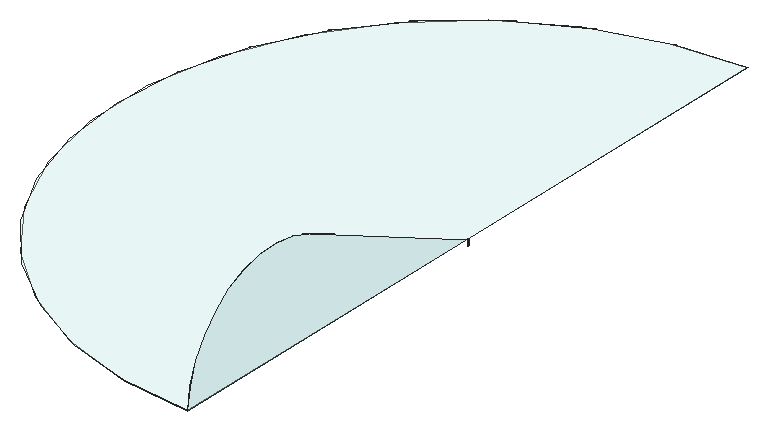
Revit family "Rotor Falvon 6504 Series - 6504PC", category Acessórios do tubo, Revit 2020
Family settings
  Cota do conector redondo = Utilizar diâmetro
  Tipo de parte = Normal
  Número OmniClass = 23.60.30.11.14
  Título OmniClass = Pipework Fittings
  Com base no plano de trabalho = Não
  Sempre na vertical = Sim
  Corte com vazios quando carregada = Não
  Compartilhado = Não
Parameters (values of type "Nozzle 18")
  Water = Water
  URL = "https://www.rainbird.com/"
  TABLE 90 = "TABLE 90psi"
  TABLE 80 = "TABLE 80psi"
  TABLE 70 = "TABLE 70psi"
  TABLE 60 = "TABLE 60psi"
  TABLE 50 = "TABLE 50psi"
  TABLE 40 = "TABLE 40psi"
  TABLE 30 = "TABLE 30psi"
  SupportProjetos: Reviw Date = ""  # constant formula
  SupportProjetos: Reviw = "R00"  # constant formula
  SupportProjetos: Level of Detail = "LOD 300"  # constant formula
  SupportProjetos: Developed = "MICHEL SOARES MOTA"  # constant formula
  SupportProjetos: Creation Date = "07/08/2020"  # constant formula
  Side inlet = no
  Rotation Water Visibility [instance] = Pop up on  # yes
  Rotation Angle [instance] = 180.00°
  RainBird: Product Link = "https://www.rainbird.com/"
  RainBird: Description = "FALCON 6504-PC Rotor "  # constant formula
  RainBird: Comment [instance] = ""
  RainBird: Code = "B65001"  # constant formula
  Radius [instance] = if(and(Pressure = 30.0 psi, Instance < 3 ft), size_lookup(TABLE 30, "Radius", 0 ft, Instance), if(and(Pressure = 40.0 psi, Instance < 9 ft), size_lookup(TABLE 40, "Radius", 0 ft, Instance), if(and(Pressure = 50.0 psi, Instance < 9 ft), size_lookup(TABLE 50, "Radius", 0 ft, Instance), if(and(Pressure = 60.0 psi, Instance < 9 ft), size_lookup(TABLE 60, "Radius", 0 ft, Instance), if(and(Pressure = 70.0 psi, Instance < 9 ft), size_lookup(TABLE 70, "Radius", 0 ft, Instance), if(and(Pressure = 80.0 psi, Instance < 9 ft), size_lookup(TABLE 80, "Radius", 0 ft, Instance), if(and(Pressure = 90.0 psi, Instance > 7 ft), size_lookup(TABLE 90, "Radius", 600 ft, Instance), 0 ft)))))))  # 63 ft
  RT = 0.009893 ft
  RN = 0.032808 ft
  R5 = 0.03937 ft
  R4 = 0.04101 ft
  R3 = 0.065617 ft
  R2 = 0.075407 ft
  R1 = 0.032808 ft
  Pressure [instance] = 60.0 psi
  Pop up height = 0.334646 ft
  Pop up on [instance] = yes
  Modelo = "6504-PC"  # constant formula
  Instance = 8 ft
  H1 = Body height / 3  # 0.236333 ft
  Flow [instance] = if(and(Pressure = 30.0 psi, Instance < 3 ft), size_lookup(TABLE 30, "Flow", 0.0 GPM, Instance), if(and(Pressure = 40.0 psi, Instance < 9 ft), size_lookup(TABLE 40, "Flow", 0.0 GPM, Instance), if(and(Pressure = 50.0 psi, Instance < 9 ft), size_lookup(TABLE 50, "Flow", 0.0 GPM, Instance), if(and(Pressure = 60.0 psi, Instance < 9 ft), size_lookup(TABLE 60, "Flow", 0.0 GPM, Instance), if(and(Pressure = 70.0 psi, Instance < 9 ft), size_lookup(TABLE 70, "Flow", 0.0 GPM, Instance), if(and(Pressure = 80.0 psi, Instance < 9 ft), size_lookup(TABLE 80, "Flow", 0.0 GPM, Instance), if(and(Pressure = 90.0 psi, Instance > 7 ft), size_lookup(TABLE 90, "Flow", 0.0 GPM, Instance), 0.0 GPM)))))))  # 17.1 GPM
  Fabricante = "Rain Bird"
  Elevação padrão = 0 ft
  Description = RainBird: Description  # "FALCON 6504-PC Rotor "
  DD13 = 0.002625 ft
  DD12 = 0.003937 ft
  DD11 = 0.009897 ft
  DD10 = 0.016404 ft
  DD8 [instance] = if(Pop up on, Pop up height, 0 ft)  # 0.334646 ft
  DD7 = 0.019685 ft
  DD6 [instance] = 0.016404 ft
  DD5 = 0.065617 ft
  DD4 = 0.032808 ft
  DD3 = 0.091048 ft
  DD2 [instance] = 0.024514 ft
  DD9 [instance] = if(Pop up on, Pop up height + 0.049541 ft, 0 ft)  # 0.384186 ft
  DD1 = 0.006562 ft
  Conection = 0.062664 ft  # constant formula
  Body height = 0.709 ft  # constant formula
  Blue = Blue Plastic
  Black Plastic = Black Plastic
  Angle = 25.00°
Types (9, lengths in ft): name | Radius | Pressure | Instance | Flow
  (no name) | 63 | 60.0 psi | 8 | 17.1 GPM
  Nozzle 4 | 43 | 80.0 psi | 1 | 4.6 GPM
  Nozzle 6 | 49 | 80.0 psi | 2 | 4.9 GPM
  Nozzle 8 | 53 | 80.0 psi | 3 | 9.4 GPM
  Nozzle 10 | 55 | 80.0 psi | 4 | 11.6 GPM
  Nozzle 12 | 61 | 80.0 psi | 5 | 14.0 GPM
  Tipo 14 | 61 | 80.0 psi | 6 | 16.2 GPM
  Nozzle 16 | 63 | 80.0 psi | 7 | 18.1 GPM
  Nozzle 18 | 63 | 60.0 psi | 8 | 17.1 GPM
Reference planes (ft)
  plane 1 "Centro (Frente/Trás)": y = 0
  plane 2: z = 0
  plane 3 "Centro (Esquerda/Direita)": x = 0
  plane 4: z = 0.003937
  plane 5: z = 0.002625
  plane 6: y = -0.065617
Forms (ft)
  Revolve 1, solid, material "Black Plastic" <- "Black Plastic"
    sketch origin (0, 0, 0) x (1, 0, 0) y (0, 0, 1)
      loop
        line (0.075407, -0.091048) -> (0.075407, -0.035324)
        arc (0.075407, -0.035324) -> (0.072509, -0.028329) -> (0.065514, -0.025431) r 0.009893
        line (0.065514, -0.025431) -> (0.046098, -0.025431) -> (0.046098, 0) -> (0.03937, 0) -> (0.03937, -0.334646) -> (0.019685, -0.334646) -> (0.019685, -0.702438) -> (0.032808, -0.702438) -> (0.032808, -0.709) -> (0.04101, -0.709) -> (0.04101, -0.702438) -> (0.055724, -0.702438)
        arc (0.055724, -0.702438) -> (0.062719, -0.699541) -> (0.065617, -0.692545) r 0.009893
        line (0.065617, -0.692545) -> (0.065617, -0.091048) -> (0.075407, -0.091048)
      axis (0, -0.709) -> (0, 0)
    angle from 0 to 360
  Extrusion 2, solid, material "Black Plastic" <- "Black Plastic"
    sketch origin (0, 0, 0) x (1, 0, 0) y (0, 1, 0)
      loop
        circle (0, 0) r 0.032808
    from -0.334646 to 0.334646
  Extrusion 3, void
    sketch origin (0, 0, 0) x (1, 0, 0) y (0, 1, 0)
      loop
        circle (0, 0) r 0.022844
    from -0.334646 to 0.334646
  Revolve 4, solid, material "Black Plastic" <- "Black Plastic"
    sketch origin (0, 0, 0) x (1, 0, 0) y (0, 0, 1)
      loop
        line (0, 0.334646) -> (0.037004, 0.334646) -> (0.037004, 0.344543)
        arc (0.037004, 0.344543) -> (0.01879, 0.349436) -> (0, 0.35105) r 0.10685
        line (0, 0.35105) -> (0, 0.334646)
      axis (0, 0.334646) -> (0, 0.35105)
    angle from 0 to 360
  Extrusion 5, solid, material "Blue Plastic" <- "Blue"
    sketch origin (0, 0, 0) x (1, 0, 0) y (0, 0, 1)
      loop
        circle (0, 0.310131) r 0.009129
      loop
        circle (0, 0.310131) r 0.004793
    from 0 to 0.034386
  Extrusion 6, void
    sketch origin (0, 0, 0) x (1, 0, 0) y (0, 0, 1)
      loop
        line (-0.02074, 0.328055) -> (-0.02074, 0.282426) -> (0.020672, 0.282426) -> (0.020672, 0.328055) -> (-0.02074, 0.328055)
      loop
        line (-0.018439, 0.325179) -> (-0.018439, 0.285685) -> (0.018179, 0.285685) -> (0.018179, 0.325179) -> (-0.018439, 0.325179)
    from 0.024556 to 0.06931
  Extrusion 7, solid, material "Black Plastic" <- "Black Plastic"
    sketch origin (0, 0, 0) x (1, 0, 0) y (0, 0, 1)
      loop
        line (0.046098, 0) -> (0.046098, -0.036876) -> (0.073493, -0.036876) -> (0.046098, 0)
    from -0.002998 to 0.002998
  Extrusion 8, solid, material "Black Plastic" <- "Black Plastic"
    sketch origin (0, 0, 0) x (-1, 0, 0) y (0, 0, -1)
      loop
        line (0.046098, 0) -> (0.073493, 0.036876) -> (0.046098, 0.036876) -> (0.046098, 0)
    from -0.002998 to 0.002998
  Extrusion 9, solid, material "Black Plastic" <- "Black Plastic"
    sketch origin (0, 0, 0) x (0.866025, 0.5, 0) y (0, 0, 1)
      loop
        line (0.046098, 0) -> (0.046098, -0.036876) -> (0.073493, -0.036876) -> (0.046098, 0)
    from -0.002998 to 0.002998
  Extrusion 10, solid, material "Black Plastic" <- "Black Plastic"
    sketch origin (0, 0, 0) x (-0.866025, -0.5, 0) y (0, 0, -1)
      loop
        line (0.046098, 0) -> (0.073493, 0.036876) -> (0.046098, 0.036876) -> (0.046098, 0)
    from -0.002998 to 0.002998
  Extrusion 11, solid, material "Black Plastic" <- "Black Plastic"
    sketch origin (0, 0, 0) x (0, 1, 0) y (0, 0, 1)
      loop
        line (0.046098, 0) -> (0.046098, -0.036876) -> (0.073493, -0.036876) -> (0.046098, 0)
    from -0.002998 to 0.002998
  Extrusion 12, solid, material "Black Plastic" <- "Black Plastic"
    sketch origin (0, 0, 0) x (0, -1, 0) y (0, 0, -1)
      loop
        line (0.046098, 0) -> (0.073493, 0.036876) -> (0.046098, 0.036876) -> (0.046098, 0)
    from -0.002998 to 0.002998
  Extrusion 13, solid, material "Black Plastic" <- "Black Plastic"
    sketch origin (0, 0, 0) x (0.5, 0.866025, 0) y (0, 0, 1)
      loop
        line (0.046098, 0) -> (0.046098, -0.036876) -> (0.073493, -0.036876) -> (0.046098, 0)
    from -0.002998 to 0.002998
  Extrusion 14, solid, material "Black Plastic" <- "Black Plastic"
    sketch origin (0, 0, 0) x (-0.5, -0.866025, 0) y (0, 0, -1)
      loop
        line (0.046098, 0) -> (0.073493, 0.036876) -> (0.046098, 0.036876) -> (0.046098, 0)
    from -0.002998 to 0.002998
  Extrusion 15, solid, material "Black Plastic" <- "Black Plastic"
    sketch origin (0, 0, 0) x (-0.5, 0.866025, 0) y (0, 0, 1)
      loop
        line (0.046098, 0) -> (0.046098, -0.036876) -> (0.073493, -0.036876) -> (0.046098, 0)
    from -0.002998 to 0.002998
  Extrusion 16, solid, material "Black Plastic" <- "Black Plastic"
    sketch origin (0, 0, 0) x (0.5, -0.866025, 0) y (0, 0, -1)
      loop
        line (0.046098, 0) -> (0.073493, 0.036876) -> (0.046098, 0.036876) -> (0.046098, 0)
    from -0.002998 to 0.002998
  Extrusion 17, solid, material "Black Plastic" <- "Black Plastic"
    sketch origin (0, 0, 0) x (-0.866025, 0.5, 0) y (0, 0, 1)
      loop
        line (0.046098, 0) -> (0.046098, -0.036876) -> (0.073493, -0.036876) -> (0.046098, 0)
    from -0.002998 to 0.002998
  Extrusion 18, solid, material "Black Plastic" <- "Black Plastic"
    sketch origin (0, 0, 0) x (0.866025, -0.5, 0) y (0, 0, -1)
      loop
        line (0.046098, 0) -> (0.073493, 0.036876) -> (0.046098, 0.036876) -> (0.046098, 0)
    from -0.002998 to 0.002998
  Extrusion 19, void
    sketch origin (0, 0, 0) x (1, 0, 0) y (0, 1, 0)
      loop
        line (-0.002998, 0.077702) -> (-0.002998, 0.071655) -> (0.002998, 0.071655) -> (0.002998, 0.077702) -> (-0.002998, 0.077702)
    from -0.091048 to 0.82021
  Extrusion 20, void
    sketch origin (0, 0, 0) x (1, 0, 0) y (0, 1, 0)
      loop
        line (0.002998, -0.077702) -> (0.002998, -0.071655) -> (-0.002998, -0.071655) -> (-0.002998, -0.077702) -> (0.002998, -0.077702)
    from -0.091048 to 0.82021
  Extrusion 21, void
    sketch origin (0, 0, 0) x (0.965926, 0.258819, 0) y (-0.258819, 0.965926, 0)
      loop
        line (-0.002998, 0.077702) -> (-0.002998, 0.071655) -> (0.002998, 0.071655) -> (0.002998, 0.077702) -> (-0.002998, 0.077702)
    from -0.091048 to 0.82021
  Extrusion 22, void
    sketch origin (0, 0, 0) x (0.965926, 0.258819, 0) y (-0.258819, 0.965926, 0)
      loop
        line (0.002998, -0.077702) -> (0.002998, -0.071655) -> (-0.002998, -0.071655) -> (-0.002998, -0.077702) -> (0.002998, -0.077702)
    from -0.091048 to 0.82021
  Extrusion 23, void
    sketch origin (0, 0, 0) x (0.866025, 0.5, 0) y (-0.5, 0.866025, 0)
      loop
        line (-0.002998, 0.077702) -> (-0.002998, 0.071655) -> (0.002998, 0.071655) -> (0.002998, 0.077702) -> (-0.002998, 0.077702)
    from -0.091048 to 0.82021
  Extrusion 24, void
    sketch origin (0, 0, 0) x (0.866025, 0.5, 0) y (-0.5, 0.866025, 0)
      loop
        line (0.002998, -0.077702) -> (0.002998, -0.071655) -> (-0.002998, -0.071655) -> (-0.002998, -0.077702) -> (0.002998, -0.077702)
    from -0.091048 to 0.82021
  Extrusion 25, void
    sketch origin (0, 0, 0) x (0.5, 0.866025, 0) y (-0.866025, 0.5, 0)
      loop
        line (-0.002998, 0.077702) -> (-0.002998, 0.071655) -> (0.002998, 0.071655) -> (0.002998, 0.077702) -> (-0.002998, 0.077702)
    from -0.091048 to 0.82021
  Extrusion 26, void
    sketch origin (0, 0, 0) x (0.5, 0.866025, 0) y (-0.866025, 0.5, 0)
      loop
        line (0.002998, -0.077702) -> (0.002998, -0.071655) -> (-0.002998, -0.071655) -> (-0.002998, -0.077702) -> (0.002998, -0.077702)
    from -0.091048 to 0.82021
  Extrusion 27, void
    sketch origin (0, 0, 0) x (0.707107, 0.707107, 0) y (-0.707107, 0.707107, 0)
      loop
        line (-0.002998, 0.077702) -> (-0.002998, 0.071655) -> (0.002998, 0.071655) -> (0.002998, 0.077702) -> (-0.002998, 0.077702)
    from -0.091048 to 0.82021
  Extrusion 28, void
    sketch origin (0, 0, 0) x (0.707107, 0.707107, 0) y (-0.707107, 0.707107, 0)
      loop
        line (0.002998, -0.077702) -> (0.002998, -0.071655) -> (-0.002998, -0.071655) -> (-0.002998, -0.077702) -> (0.002998, -0.077702)
    from -0.091048 to 0.82021
  Extrusion 29, void
    sketch origin (0, 0, 0) x (0.258819, 0.965926, 0) y (-0.965926, 0.258819, 0)
      loop
        line (-0.002998, 0.077702) -> (-0.002998, 0.071655) -> (0.002998, 0.071655) -> (0.002998, 0.077702) -> (-0.002998, 0.077702)
    from -0.091048 to 0.82021
  Extrusion 30, void
    sketch origin (0, 0, 0) x (0.258819, 0.965926, 0) y (-0.965926, 0.258819, 0)
      loop
        line (0.002998, -0.077702) -> (0.002998, -0.071655) -> (-0.002998, -0.071655) -> (-0.002998, -0.077702) -> (0.002998, -0.077702)
    from -0.091048 to 0.82021
  Extrusion 31, void
    sketch origin (0, 0, 0) x (0, 1, 0) y (-1, 0, 0)
      loop
        line (-0.002998, 0.077702) -> (-0.002998, 0.071655) -> (0.002998, 0.071655) -> (0.002998, 0.077702) -> (-0.002998, 0.077702)
    from -0.091048 to 0.82021
  Extrusion 32, void
    sketch origin (0, 0, 0) x (0, 1, 0) y (-1, 0, 0)
      loop
        line (0.002998, -0.077702) -> (0.002998, -0.071655) -> (-0.002998, -0.071655) -> (-0.002998, -0.077702) -> (0.002998, -0.077702)
    from -0.091048 to 0.82021
  Extrusion 33, void
    sketch origin (0, 0, 0) x (-0.258819, 0.965926, 0) y (-0.965926, -0.258819, 0)
      loop
        line (-0.002998, 0.077702) -> (-0.002998, 0.071655) -> (0.002998, 0.071655) -> (0.002998, 0.077702) -> (-0.002998, 0.077702)
    from -0.091048 to 0.82021
  Extrusion 34, void
    sketch origin (0, 0, 0) x (-0.258819, 0.965926, 0) y (-0.965926, -0.258819, 0)
      loop
        line (0.002998, -0.077702) -> (0.002998, -0.071655) -> (-0.002998, -0.071655) -> (-0.002998, -0.077702) -> (0.002998, -0.077702)
    from -0.091048 to 0.82021
  Extrusion 35, void
    sketch origin (0, 0, 0) x (-0.5, 0.866025, 0) y (-0.866025, -0.5, 0)
      loop
        line (-0.002998, 0.077702) -> (-0.002998, 0.071655) -> (0.002998, 0.071655) -> (0.002998, 0.077702) -> (-0.002998, 0.077702)
    from -0.091048 to 0.82021
  Extrusion 36, void
    sketch origin (0, 0, 0) x (-0.5, 0.866025, 0) y (-0.866025, -0.5, 0)
      loop
        line (0.002998, -0.077702) -> (0.002998, -0.071655) -> (-0.002998, -0.071655) -> (-0.002998, -0.077702) -> (0.002998, -0.077702)
    from -0.091048 to 0.82021
  Extrusion 37, void
    sketch origin (0, 0, 0) x (-0.707107, 0.707107, 0) y (-0.707107, -0.707107, 0)
      loop
        line (-0.002998, 0.077702) -> (-0.002998, 0.071655) -> (0.002998, 0.071655) -> (0.002998, 0.077702) -> (-0.002998, 0.077702)
    from -0.091048 to 0.82021
  Extrusion 38, void
    sketch origin (0, 0, 0) x (-0.707107, 0.707107, 0) y (-0.707107, -0.707107, 0)
      loop
        line (0.002998, -0.077702) -> (0.002998, -0.071655) -> (-0.002998, -0.071655) -> (-0.002998, -0.077702) -> (0.002998, -0.077702)
    from -0.091048 to 0.82021
  Extrusion 39, void
    sketch origin (0, 0, 0) x (-0.866025, 0.5, 0) y (-0.5, -0.866025, 0)
      loop
        line (-0.002998, 0.077702) -> (-0.002998, 0.071655) -> (0.002998, 0.071655) -> (0.002998, 0.077702) -> (-0.002998, 0.077702)
    from -0.091048 to 0.82021
  Extrusion 40, void
    sketch origin (0, 0, 0) x (-0.866025, 0.5, 0) y (-0.5, -0.866025, 0)
      loop
        line (0.002998, -0.077702) -> (0.002998, -0.071655) -> (-0.002998, -0.071655) -> (-0.002998, -0.077702) -> (0.002998, -0.077702)
    from -0.091048 to 0.82021
  Extrusion 41, void
    sketch origin (0, 0, 0) x (-0.965926, 0.258819, 0) y (-0.258819, -0.965926, 0)
      loop
        line (-0.002998, 0.077702) -> (-0.002998, 0.071655) -> (0.002998, 0.071655) -> (0.002998, 0.077702) -> (-0.002998, 0.077702)
    from -0.091048 to 0.82021
  Extrusion 42, void
    sketch origin (0, 0, 0) x (-0.965926, 0.258819, 0) y (-0.258819, -0.965926, 0)
      loop
        line (0.002998, -0.077702) -> (0.002998, -0.071655) -> (-0.002998, -0.071655) -> (-0.002998, -0.077702) -> (0.002998, -0.077702)
    from -0.091048 to 0.82021
  Extrusion 43, solid, material "Water" <- "Water", visible <- "Rotation Water Visibility"
    sketch origin (0, 0, 0) x (0, 1, 0) y (0, 0, 1)
      loop
        line (-0.032808, 0.310131) -> (-35.615202, 16.902474)
        arc (-35.615202, 16.902474) -> (-53.751991, 15.923219) -> (-63.032808, 0.310131) r 19.287003
        line (-63.032808, 0.310131) -> (-0.032808, 0.310131)
    from -0.008202 to 0.008202
Cuts and joins
  Extrusion 3, Extrusion 6 cuts Extrusion 2
  Extrusion 19, Extrusion 20, Extrusion 21, Extrusion 22, Extrusion 23, Extrusion 24, Extrusion 25, Extrusion 26, Extrusion 27, Extrusion 28, Extrusion 29, Extrusion 30, Extrusion 31, Extrusion 32, Extrusion 33, Extrusion 34, Extrusion 35, Extrusion 36, Extrusion 37, Extrusion 38, Extrusion 39, Extrusion 40, Extrusion 41, Extrusion 42 cuts Revolve 1
Dimensions and locks (ft)
  "Body height": level to Revolve 1 sketch curve
  "R2": Revolve 1 sketch curve to plane 3 "Centro (Esquerda/Direita)"
  "DD1": Revolve 1 sketch curve to Revolve 1 sketch curve
  "DD3": level to Revolve 1 sketch curve
  Revolve 1 sketch curve to plane 3 "Centro (Esquerda/Direita)" = 0.065617 ft
  "R4": Revolve 1 sketch curve to plane 3 "Centro (Esquerda/Direita)"
  "RN": Revolve 1 sketch curve to plane 3 "Centro (Esquerda/Direita)"
  "Pop up height": level to Revolve 1 sketch curve
  "R5": plane 3 "Centro (Esquerda/Direita)" to Revolve 1 sketch curve
  "DD7": Revolve 1 sketch curve to plane 3 "Centro (Esquerda/Direita)"
  "DD8": Extrusion 2 to level
  "DD12": plane 4 to level
  "DD13": plane 5 to level
  "R3": plane 6 to plane 1 "Centro (Frente/Trás)"
  "DD5": Revolve 1 sketch curve to Revolve 1 sketch curve
  "DD10": Revolve 4 sketch curve to Revolve 4 sketch curve
  "DD11": Revolve 4 sketch curve to Revolve 4 sketch curve
  "DD2": Revolve 4 to Extrusion 5 sketch curve  (x2)
  Extrusion 7 to plane 3 "Centro (Esquerda/Direita)" = 0.046098 ft
  equal spacing: Extrusion 7, plane 1 "Centro (Frente/Trás)", Extrusion 7
  Extrusion 8 to Extrusion 8 = 0.005995 ft
  Extrusion 9 to Extrusion 9 = 0.005995 ft
  Extrusion 20 sketch curve to Extrusion 20 sketch curve = 0.005995 ft
  Extrusion 22 sketch curve to Extrusion 22 sketch curve = 0.005995 ft
  Extrusion 24 sketch curve to Extrusion 24 sketch curve = 0.005995 ft
  Extrusion 26 sketch curve to Extrusion 26 sketch curve = 0.005995 ft
  Extrusion 28 sketch curve to Extrusion 28 sketch curve = 0.005995 ft
  Extrusion 30 sketch curve to Extrusion 30 sketch curve = 0.005995 ft
  Extrusion 32 sketch curve to Extrusion 32 sketch curve = 0.005995 ft
  Extrusion 34 sketch curve to Extrusion 34 sketch curve = 0.005995 ft
  Extrusion 36 sketch curve to Extrusion 36 sketch curve = 0.005995 ft
  Extrusion 38 sketch curve to Extrusion 38 sketch curve = 0.005995 ft
  Extrusion 40 sketch curve to Extrusion 40 sketch curve = 0.005995 ft
  Extrusion 42 sketch curve to Extrusion 42 sketch curve = 0.005995 ft
  "DD4": plane 1 "Centro (Frente/Trás)" to Extrusion 43 sketch curve
  "DD2": Revolve 4 to Extrusion 43 sketch curve
  "Radius": Extrusion 43 sketch curve to Extrusion 43 sketch curve
  equal spacing: Extrusion 43, plane 3 "Centro (Esquerda/Direita)", Extrusion 43
  "DD6": Extrusion 43 to Extrusion 43
  "DD2": Revolve 4 to nested 1
  "RT": radius of Revolve 1 sketch curve  (x2)
  "R1": radius of Extrusion 2 sketch curve
  "Angle": angle Extrusion 43 sketch curve to Extrusion 43 sketch curve
  aligned and locked: level to plane 2
  aligned and locked: Revolve 1 sketch curve to Revolve 1 sketch curve
  aligned and locked: Extrusion 2 to Revolve 1
  aligned and locked: cut or joined group of Extrusion 2, Extrusion 3, Extrusion 6 to cut or joined group of Extrusion 2, Extrusion 3, Extrusion 6  (x2)
  aligned and locked: Revolve 4 sketch curve to cut or joined group of Extrusion 2, Extrusion 3, Extrusion 6
  aligned and locked: Extrusion 20 to Revolve 1
  aligned and locked: Extrusion 22 to Revolve 1
  aligned and locked: Extrusion 24 to Revolve 1
  aligned and locked: Extrusion 28 to Revolve 1
  aligned and locked: Extrusion 26 to Revolve 1
  aligned and locked: Extrusion 30 to Revolve 1
  aligned and locked: Extrusion 32 to Revolve 1
  aligned and locked: Extrusion 34 to Revolve 1
  aligned and locked: Revolve 1 to Extrusion 36
  aligned and locked: Revolve 1 to Extrusion 38
  aligned and locked: Extrusion 41 to Revolve 1
  aligned and locked: Extrusion 39 to Revolve 1
  aligned and locked: Extrusion 37 to Revolve 1
  aligned and locked: Extrusion 35 to Revolve 1
  aligned and locked: Extrusion 33 to Revolve 1
  aligned and locked: Extrusion 31 to Revolve 1
  aligned and locked: Extrusion 29 to Revolve 1
  aligned and locked: Revolve 1 to Extrusion 25
  aligned and locked: Revolve 1 to Extrusion 27
  aligned and locked: Revolve 1 to Extrusion 19
  aligned and locked: Revolve 1 to Extrusion 21
  aligned and locked: Revolve 1 to Extrusion 42
  aligned and locked: Revolve 1 to Extrusion 40
  aligned and locked: Revolve 1 to Extrusion 23
Automatic sketch dimensions
  plane 1 "Centro (Frente/Trás)" to Extrusion 2 sketch curve = 0 ft
  Extrusion 2 sketch curve to plane 3 "Centro (Esquerda/Direita)" = 0 ft
  plane 1 "Centro (Frente/Trás)" to Extrusion 3 sketch curve = 0 ft
  Extrusion 3 sketch curve to plane 3 "Centro (Esquerda/Direita)" = 0 ft
  Revolve 4 sketch curve to plane 3 "Centro (Esquerda/Direita)" = 0 ft  (x2)
  plane 3 "Centro (Esquerda/Direita)" to Revolve 4 sketch curve = 0.000284 ft
  plane 3 "Centro (Esquerda/Direita)" to Revolve 4 sketch curve = 0.037004 ft
  Revolve 4 sketch curve to Revolve 4 sketch curve = 0.015719 ft
  Revolve 4 sketch curve to Revolve 4 sketch curve = 0.114829 ft
  Extrusion 5 sketch curve to Extrusion 5 sketch curve = 0 ft
  Extrusion 5 sketch curve to plane 3 "Centro (Esquerda/Direita)" = 0 ft
  Extrusion 6 sketch curve to plane 3 "Centro (Esquerda/Direita)" = 0.02074 ft
  Extrusion 6 sketch curve to Extrusion 6 sketch curve = 0.002301 ft
  plane 3 "Centro (Esquerda/Direita)" to Extrusion 6 sketch curve = 0.018179 ft
  Extrusion 6 sketch curve to Extrusion 6 sketch curve = 0.002492 ft
  plane 4 to Extrusion 6 sketch curve = 0.278489 ft
  Extrusion 6 sketch curve to Extrusion 6 sketch curve = 0.003259 ft
  Extrusion 6 sketch curve to Extrusion 6 sketch curve = 0.039494 ft
  Extrusion 6 sketch curve to Extrusion 6 sketch curve = 0.002876 ft
  Extrusion 7 sketch curve to level = 0 ft
  plane 3 "Centro (Esquerda/Direita)" to Extrusion 7 sketch curve = 0.046098 ft
  Extrusion 7 sketch curve to Extrusion 7 sketch curve = 0.027396 ft
  Extrusion 7 sketch curve to Extrusion 7 sketch curve = 0.036876 ft
  Extrusion 8 sketch curve to level = 0 ft
  plane 3 "Centro (Esquerda/Direita)" to Extrusion 8 sketch curve = 0.046098 ft
  Extrusion 8 sketch curve to Extrusion 8 sketch curve = 0.027396 ft
  Extrusion 8 sketch curve to Extrusion 8 sketch curve = 0.036876 ft
  Extrusion 9 sketch curve to level = 0 ft
  Extrusion 9 sketch curve to level = 0.036876 ft
  Extrusion 9 sketch curve to Extrusion 9 sketch curve = 0.027396 ft
  Extrusion 10 sketch curve to level = 0 ft
  Extrusion 10 sketch curve to level = 0.036876 ft
  Extrusion 10 sketch curve to Extrusion 10 sketch curve = 0.027396 ft
  Extrusion 11 sketch curve to level = 0 ft
  Extrusion 11 sketch curve to plane 1 "Centro (Frente/Trás)" = 0.046098 ft
  Extrusion 11 sketch curve to Extrusion 11 sketch curve = 0.027396 ft
  Extrusion 11 sketch curve to Extrusion 11 sketch curve = 0.036876 ft
  Extrusion 12 sketch curve to level = 0 ft
  plane 6 to Extrusion 12 sketch curve = 0.019519 ft
  Extrusion 12 sketch curve to plane 6 = 0.007877 ft
  Extrusion 12 sketch curve to level = 0.036876 ft
  Extrusion 13 sketch curve to level = 0 ft
  Extrusion 13 sketch curve to level = 0.036876 ft
  Extrusion 13 sketch curve to Extrusion 13 sketch curve = 0.027396 ft
  Extrusion 14 sketch curve to level = 0 ft
  Extrusion 14 sketch curve to level = 0.036876 ft
  Extrusion 14 sketch curve to Extrusion 14 sketch curve = 0.027396 ft
  level to Extrusion 15 sketch curve = 0 ft
  Extrusion 15 sketch curve to level = 0.036876 ft
  Extrusion 15 sketch curve to Extrusion 15 sketch curve = 0.027396 ft
  level to Extrusion 16 sketch curve = 0 ft
  Extrusion 16 sketch curve to level = 0.036876 ft
  Extrusion 16 sketch curve to Extrusion 16 sketch curve = 0.027396 ft
  level to Extrusion 17 sketch curve = 0 ft
  Extrusion 17 sketch curve to level = 0.036876 ft
  Extrusion 17 sketch curve to Extrusion 17 sketch curve = 0.027396 ft
  level to Extrusion 18 sketch curve = 0 ft
  Extrusion 18 sketch curve to level = 0.036876 ft
  Extrusion 18 sketch curve to Extrusion 18 sketch curve = 0.027396 ft
  Extrusion 19 sketch curve to plane 3 "Centro (Esquerda/Direita)" = 0.002998 ft
  Extrusion 19 sketch curve to plane 1 "Centro (Frente/Trás)" = 0.071655 ft
  Extrusion 19 sketch curve to Extrusion 19 sketch curve = 0.006047 ft
  plane 3 "Centro (Esquerda/Direita)" to Extrusion 20 sketch curve = 0.002998 ft
  plane 6 to Extrusion 20 sketch curve = 0.006038 ft
  Extrusion 20 sketch curve to Extrusion 20 sketch curve = 0.006047 ft
  plane 3 "Centro (Esquerda/Direita)" to Extrusion 19 sketch curve = 0.002998 ft
  Extrusion 21 sketch curve to plane 3 "Centro (Esquerda/Direita)" = 0.021441 ft
  Extrusion 21 sketch curve to plane 1 "Centro (Frente/Trás)" = 0.068438 ft
  Extrusion 21 sketch curve to Extrusion 21 sketch curve = 0.005995 ft
  Extrusion 21 sketch curve to Extrusion 21 sketch curve = 0.006047 ft
  Extrusion 22 sketch curve to plane 6 = 0.010213 ft
  plane 3 "Centro (Esquerda/Direita)" to Extrusion 22 sketch curve = 0.017215 ft
  Extrusion 22 sketch curve to Extrusion 22 sketch curve = 0.006047 ft
  Extrusion 23 sketch curve to plane 3 "Centro (Esquerda/Direita)" = 0.038424 ft
  Extrusion 23 sketch curve to plane 1 "Centro (Frente/Trás)" = 0.060556 ft
  Extrusion 23 sketch curve to Extrusion 23 sketch curve = 0.005995 ft
  Extrusion 23 sketch curve to Extrusion 23 sketch curve = 0.006047 ft
  Extrusion 24 sketch curve to plane 6 = 0.003174 ft
  plane 3 "Centro (Esquerda/Direita)" to Extrusion 24 sketch curve = 0.036255 ft
  Extrusion 24 sketch curve to Extrusion 24 sketch curve = 0.006047 ft
  Extrusion 25 sketch curve to plane 1 "Centro (Frente/Trás)" = 0.033231 ft
  Extrusion 25 sketch curve to plane 3 "Centro (Esquerda/Direita)" = 0.063554 ft
  Extrusion 25 sketch curve to Extrusion 25 sketch curve = 0.005995 ft
  Extrusion 25 sketch curve to Extrusion 25 sketch curve = 0.006047 ft
  Extrusion 26 sketch curve to plane 6 = 0.02417 ft
  Extrusion 26 sketch curve to plane 3 "Centro (Esquerda/Direita)" = 0.065793 ft
  Extrusion 26 sketch curve to Extrusion 26 sketch curve = 0.006047 ft
  Extrusion 27 sketch curve to plane 1 "Centro (Frente/Trás)" = 0.048548 ft
  Extrusion 27 sketch curve to plane 3 "Centro (Esquerda/Direita)" = 0.052787 ft
  Extrusion 27 sketch curve to Extrusion 27 sketch curve = 0.005995 ft
  Extrusion 27 sketch curve to Extrusion 27 sketch curve = 0.006047 ft
  plane 6 to Extrusion 28 sketch curve = 0.008554 ft
  plane 3 "Centro (Esquerda/Direita)" to Extrusion 28 sketch curve = 0.052824 ft
  Extrusion 28 sketch curve to Extrusion 28 sketch curve = 0.006047 ft
  Extrusion 29 sketch curve to plane 1 "Centro (Frente/Trás)" = 0.01565 ft
  Extrusion 29 sketch curve to plane 3 "Centro (Esquerda/Direita)" = 0.069989 ft
  Extrusion 29 sketch curve to Extrusion 29 sketch curve = 0.005995 ft
  Extrusion 29 sketch curve to Extrusion 29 sketch curve = 0.006047 ft
  plane 1 "Centro (Frente/Trás)" to Extrusion 30 sketch curve = 0.023006 ft
  plane 3 "Centro (Esquerda/Direita)" to Extrusion 30 sketch curve = 0.074278 ft
  Extrusion 30 sketch curve to Extrusion 30 sketch curve = 0.006047 ft
  plane 1 "Centro (Frente/Trás)" to Extrusion 31 sketch curve = 0.002998 ft
  Extrusion 31 sketch curve to plane 1 "Centro (Frente/Trás)" = 0.002998 ft
  Extrusion 31 sketch curve to plane 3 "Centro (Esquerda/Direita)" = 0.071655 ft
  Extrusion 31 sketch curve to Extrusion 31 sketch curve = 0.006047 ft
  plane 1 "Centro (Frente/Trás)" to Extrusion 32 sketch curve = 0.002998 ft
  plane 3 "Centro (Esquerda/Direita)" to Extrusion 32 sketch curve = 0.077702 ft
  Extrusion 32 sketch curve to Extrusion 32 sketch curve = 0.006047 ft
  plane 1 "Centro (Frente/Trás)" to Extrusion 33 sketch curve = 0.021441 ft
  Extrusion 33 sketch curve to plane 3 "Centro (Esquerda/Direita)" = 0.068438 ft
  Extrusion 33 sketch curve to Extrusion 33 sketch curve = 0.005995 ft
  Extrusion 33 sketch curve to Extrusion 33 sketch curve = 0.006047 ft
  Extrusion 34 sketch curve to plane 1 "Centro (Frente/Trás)" = 0.017215 ft
  plane 3 "Centro (Esquerda/Direita)" to Extrusion 34 sketch curve = 0.07583 ft
  Extrusion 34 sketch curve to Extrusion 34 sketch curve = 0.006047 ft
  plane 6 to Extrusion 35 sketch curve = 0.027193 ft
  Extrusion 35 sketch curve to plane 3 "Centro (Esquerda/Direita)" = 0.060556 ft
  Extrusion 35 sketch curve to Extrusion 35 sketch curve = 0.005995 ft
  Extrusion 35 sketch curve to Extrusion 35 sketch curve = 0.006047 ft
  Extrusion 36 sketch curve to plane 1 "Centro (Frente/Trás)" = 0.036255 ft
  plane 3 "Centro (Esquerda/Direita)" to Extrusion 36 sketch curve = 0.068791 ft
  Extrusion 36 sketch curve to Extrusion 36 sketch curve = 0.006047 ft
  plane 6 to Extrusion 37 sketch curve = 0.012829 ft
  Extrusion 37 sketch curve to plane 3 "Centro (Esquerda/Direita)" = 0.048548 ft
  Extrusion 37 sketch curve to Extrusion 37 sketch curve = 0.005995 ft
  Extrusion 37 sketch curve to Extrusion 37 sketch curve = 0.006047 ft
  Extrusion 38 sketch curve to plane 1 "Centro (Frente/Trás)" = 0.052824 ft
  plane 3 "Centro (Esquerda/Direita)" to Extrusion 38 sketch curve = 0.057063 ft
  Extrusion 38 sketch curve to Extrusion 38 sketch curve = 0.006047 ft
  plane 6 to Extrusion 39 sketch curve = 0.002063 ft
  Extrusion 39 sketch curve to plane 3 "Centro (Esquerda/Direita)" = 0.033231 ft
  Extrusion 39 sketch curve to Extrusion 39 sketch curve = 0.005995 ft
  Extrusion 39 sketch curve to Extrusion 39 sketch curve = 0.006047 ft
  plane 3 "Centro (Esquerda/Direita)" to Extrusion 40 sketch curve = 0.041447 ft
  Extrusion 40 sketch curve to plane 1 "Centro (Frente/Trás)" = 0.065793 ft
  Extrusion 40 sketch curve to Extrusion 40 sketch curve = 0.006047 ft
  Extrusion 41 sketch curve to plane 6 = 0.004372 ft
  Extrusion 41 sketch curve to plane 3 "Centro (Esquerda/Direita)" = 0.01565 ft
  Extrusion 41 sketch curve to Extrusion 41 sketch curve = 0.005995 ft
  Extrusion 41 sketch curve to Extrusion 41 sketch curve = 0.006047 ft
  plane 3 "Centro (Esquerda/Direita)" to Extrusion 42 sketch curve = 0.023006 ft
  Extrusion 42 sketch curve to plane 1 "Centro (Frente/Trás)" = 0.074278 ft
  Extrusion 42 sketch curve to Extrusion 42 sketch curve = 0.006047 ft
  Revolve 1 sketch curve to plane 3 "Centro (Esquerda/Direita)" = 0 ft
  Revolve 1 sketch curve to level = 0 ft
  Revolve 1 sketch curve to Revolve 1 sketch curve = 0.019416 ft
  plane 4 to Revolve 1 sketch curve = 0.079347 ft
  Revolve 1 sketch curve to Revolve 1 sketch curve = 0.918635 ft
  Extrusion 43 sketch curve to level = 0.577487 ft
  radius of Extrusion 3 sketch curve = 0.022844 ft
  radius of Extrusion 5 sketch curve = 0.009129 ft
  radius of Extrusion 5 sketch curve = 0.004793 ft
Nested families (ft)
  nested 1: "Water" at (0.000104, 0, 0.190873) x (0, -1, 0) z (0, 0, 1), DT9 <- "DD4", Radius <- "Radius", visible <- "Rotation Water Visibility", Rotation Angle <- "Rotation Angle", type "Water"
    with Rotation Angle 180.00°, Radius 63 ft, DT9 0.032808 ft, DT8 0 ft, DT7 252 ft, DT4 315 ft, Angle 2 180.00°
Connectors (ft)
  piping at (0, 0, -0.709), diameter 2
    settings: on cut or joined group of Revolve 1, Extrusion 19, Extrusion 20, Extrusion 21, Extrusion 22, Extrusion 23, Extrusion 24, Extrusion 25, Extrusion 26, Extrusion 27, Extrusion 28, Extrusion 29, Extrusion 30, Extrusion 31, Extrusion 32, Extrusion 33, Extrusion 34, Extrusion 35, Extrusion 36, Extrusion 37, Extrusion 38, Extrusion 39, Extrusion 40, Extrusion 41, Extrusion 42, index 1, connector inside diameter 609.6 mm, connector length 0 ft, flow factor 0, pipe flow 0.0 GPM, pressure drop 0.0 psi, fitting loss kfactor 0, connector angle 0.00°, fixture units 0, engagement length 0 ft, angle of deflection 0.00°, flow configuration 0, flow direction 0, fitting loss method 0, system type 28, joint type 0, gender type 0, connector reference index -1, connector utility 0, adjustable connector no, is connector primary yes, connector description ""
Definition of nested family "Water"
  Parameters (values of type "Water")
    Water Visibility (Circle) = yes
    Water = none
    URL = ""
    SupportProjetos: Reviw Date = ""  # constant formula
    SupportProjetos: Level of Detail = "LOD 300"  # constant formula
    SupportProjetos: Developed = "MICHEL SOARES MOTA"  # constant formula
    SupportProjetos: Creation Date = "16/07/2020"  # constant formula
    Rotation Angle [instance] = 90.00°
    Reviw = "R00"  # constant formula
    Radius [instance] = 14 ft
    Model = ""
    Default Elevation = 4 ft
    Description = ""
    DT9 [instance] = 0.032808 ft
    DT8 [instance] = if(Rotation Angle = 360.00°, 10 ft, 0 ft)  # 0 ft
    DT7 [instance] = 4 * Radius  # 56 ft
    DT4 [instance] = 5 * Radius  # 70 ft
    DT2 = 0.098425 ft  # constant formula
    DT6 = 0 ft
    Angle 2 [instance] = if(Rotation Angle = 360.00°, 180.00°, 360.00° - Rotation Angle)  # 270.00°
  Reference planes (ft)
    plane 1 "Centro (Frente/Trás)": y = 0
    plane 2: z = 0
    plane 3 "Centro (Esquerda/Direita)": x = 0
  Forms (ft)
    Revolve 1, solid, material <- "Water", visible <- "Water Visibility (Circle)"
      sketch origin (0, 0, 0) x (1, 0, 0) y (0, 0, 1)
        loop
          line (0.032808, 0.098425) -> (14.032808, 0.098425) -> (14.032808, 0.119259) -> (0.032808, 0.119259) -> (0.032808, 0.098425)
        axis (0, 0.098425) -> (0, 0.119259)
      angle from 0 to 360
    Extrusion 2, void
      sketch origin (0, 0, 0) x (1, 0, 0) y (0, 1, 0)
        loop
          line (0, 0) -> (70, 0) -> (70, 56)
          arc (70, 56) -> (-70.459018, 51.588344) -> (0, -70) r 81.847109
          line (0, -70) -> (0, 0)
      from 0 to 15.189231
  Cuts and joins
    Extrusion 2 cuts Revolve 1
  Dimensions and locks (ft)
    "DT2": Revolve 1 sketch curve to level
    "DT4": Extrusion 2 sketch curve to Extrusion 2 sketch curve  (x2)
    "DT6": Extrusion 2 sketch curve to plane 3 "Centro (Esquerda/Direita)"
    "DT7": Extrusion 2 sketch curve to Extrusion 2 sketch curve
    "DT8": cut or joined group of Revolve 1, Extrusion 2 to level
    "Radius": Revolve 1 sketch curve to Revolve 1 sketch curve
    "DT9": Revolve 1 sketch curve to plane 3 "Centro (Esquerda/Direita)"
    "Angle 2": angle Extrusion 2 sketch curve to Extrusion 2 sketch curve
    aligned and locked: level to plane 2
    aligned and locked: plane 1 "Centro (Frente/Trás)" to Extrusion 2 sketch curve
  Automatic sketch dimensions
    plane 3 "Centro (Esquerda/Direita)" to Extrusion 2 sketch curve = 1.088227 ft
    Revolve 1 sketch curve to plane 3 "Centro (Esquerda/Direita)" = 0 ft
    Revolve 1 sketch curve to Revolve 1 sketch curve = 0.020833 ft
    Revolve 1 sketch curve to Revolve 1 sketch curve = 0.032113 ft
    Revolve 1 sketch curve to Revolve 1 sketch curve = 10.2693 ft
